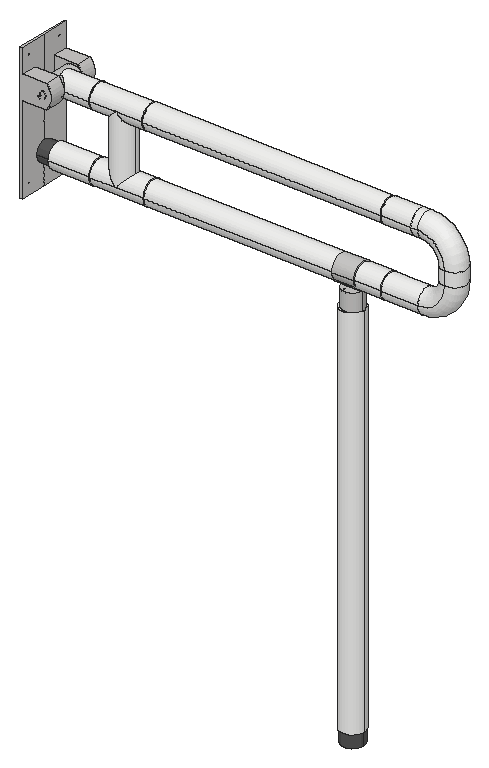
Revit family "White Moveable Handicap Grab Bar Tube Coated_IN", category Pipe Accessories, Revit 2017
Family settings
  Round Connector Dimension = Use Diameter
  Part Type = Normal
  Work Plane-Based = Yes
  Always vertical = No
  Cut with Voids When Loaded = Yes
  Shared = No
Parameters
  Website = "https://dolphy.in/"  # constant formula
  Model = "DHGB0005"  # constant formula
  Default Elevation = 1219.2 mm
  Contact number = "+91 9520202035"  # constant formula
  Contact email = "info@dolphy.in"  # constant formula
  Company name = "Dolphy India"  # constant formula
Reference planes
  plane 1 "Center (Front/Back)": y = 0
  plane 2: z = 0
  plane 3 "Center (Left/Right)": x = 0
Forms (mm)
  Sweep 1, solid, material "Nylon"
    path origin (-6.896, 0, 200) x (-1, 0, 0) y (0, 0, -1)
      loop
        line (-30.275, 100) -> (-575.275, 100)
        arc (-575.275, 100) -> (-603.56, 88.284) -> (-615.275, 60) r 40
        line (-615.275, 60) -> (-615.275, 40)
        arc (-615.275, 40) -> (-603.56, 11.716) -> (-575.275, 0) r 40
        line (-575.275, 0) -> (-565, 0) -> (-42.431, 0)
    profile origin (295.88, 0, 100) x (0, 0, 1) y (0, -1, 0)
      loop
        circle (0, 0) r 17.5
  Sweep 2, void
    path origin (730.38, -368.75, 22.5) x (0, 1, 0) y (0, 0, 1)
      loop
        circle (368.504, 177.5) r 17.254
    profile origin (730.38, -0.246, 217.254) x (0, 0, -1) y (1, 0, 0)
      loop
        circle (0, -646.133) r 0.781
  Sweep 3, void
    path origin (805.38, -368.75, 22.5) x (0, 1, 0) y (0, 0, 1)
      loop
        circle (368.504, 177.5) r 17.254
    profile origin (805.38, -0.246, 217.254) x (0, 0, -1) y (1, 0, 0)
      loop
        circle (0, -643.008) r 0.781
  Sweep 4, void
    path origin (1160.38, -368.75, 22.5) x (0, 1, 0) y (0, 0, 1)
      loop
        circle (368.504, 177.5) r 17.254
    profile origin (1160.38, -0.246, 217.254) x (0, 0, -1) y (1, 0, 0)
      loop
        circle (0, -646.133) r 0.781
  Sweep 5, void
    path origin (1157.282, -369.071, -77.624) x (0, 1, 0) y (0, 0, 1)
      loop
        circle (368.504, 177.5) r 17.254
    profile origin (1157.282, -0.567, 117.13) x (0, 0, -1) y (1, 0, 0)
      loop
        circle (0, -643.008) r 0.781
  Extrusion 6, solid, material "Stainless Steel"
    sketch origin (-6.896, 54.754, 0) x (1, 0, 0) y (0, 1, 0)
      loop
        line (10.275, -54.754) -> (10.275, -14.754) -> (6.896, -14.754) -> (6.896, -94.754) -> (10.275, -94.754) -> (10.275, -54.754)
    from 52.806 to 252.564
  Extrusion 7, solid, material "Stainless Steel"
    sketch origin (0, 54.754, 0) x (1, 0, 0) y (0, 0, 1)
      loop
        line (3.38, 217.5) -> (3.38, 182.622) -> (39.026, 182.622)
        spline (39.026, 182.622) -> (41.372, 185.765) -> (43.283, 188.866) -> (44.761, 191.923) -> (45.804, 194.937) -> (46.413, 197.908) -> (46.587, 200.836) -> (46.328, 203.721) -> (45.634, 206.563) -> (44.506, 209.362) -> (42.943, 212.118) -> (40.947, 214.83) -> (38.516, 217.5)
        line (38.516, 217.5) -> (3.38, 217.5)
    from 72.424 to 94.754
  Extrusion 8, solid, material "Stainless Steel"
    sketch origin (0, -54.754, 0) x (1, 0, 0) y (0, 0, -1)
      loop
        line (3.38, -217.5) -> (38.492, -217.5)
        spline (38.492, -217.5) -> (40.923, -214.83) -> (42.92, -212.118) -> (44.482, -209.362) -> (45.61, -206.563) -> (46.304, -203.721) -> (46.564, -200.836) -> (46.389, -197.908) -> (45.78, -194.937) -> (44.737, -191.923) -> (43.26, -188.866) -> (41.348, -185.765) -> (39.002, -182.622)
        line (39.002, -182.622) -> (3.38, -182.622) -> (3.38, -217.5)
    from 72.338 to 94.754
  Extrusion 9, solid, material "Stainless Steel"
    sketch origin (-5, 0, -1.25) x (1, 0, 0) y (0, 0, 1)
      loop
        circle (36.25, 201.79) r 15
    from -32.662 to 32.128
  Extrusion 10, solid, material "Nylon"
    sketch origin (0, 0, 0) x (1, 0, 0) y (0, 1, 0)
      loop
        circle (121.288, 0) r 17.5
    from 100.074 to 200.362
  Sweep 11, void
    path origin (727.282, -369.071, -77.624) x (0, 1, 0) y (0, 0, 1)
      loop
        circle (368.504, 177.5) r 17.254
    profile origin (727.282, -0.567, 117.13) x (0, 0, -1) y (1, 0, 0)
      loop
        circle (0, -643.008) r 0.781
  Sweep 12, void
    path origin (807.282, -369.071, -77.624) x (0, 1, 0) y (0, 0, 1)
      loop
        circle (368.504, 177.5) r 17.254
    profile origin (807.282, -0.567, 117.13) x (0, 0, -1) y (1, 0, 0)
      loop
        circle (0, -643.008) r 0.781
  Extrusion 13, solid
    sketch origin (0, 0, 0) x (1, 0, 0) y (0, 0, 1)
      loop
        circle (31.25, 200.54) r 5.986
    from -40 to 40
  Extrusion 14, void
    sketch origin (0, 0, 0) x (1, 0, 0) y (0, 0, 1)
      loop
        circle (31.25, 200.54) r 2.188
    from -40 to 40
  Extrusion 15, void
    sketch origin (0, 0, 0) x (0, 1, 0) y (0, 0, 1)
      loop
        circle (26.517, 238.781) r 2
    from 0 to 3.38
  Extrusion 16, void
    sketch origin (0, -55, 0) x (0, 1, 0) y (0, 0, 1)
      loop
        circle (26.517, 238.781) r 2
    from 0 to 3.38
  Extrusion 17, void
    sketch origin (0, 0, -170) x (0, 1, 0) y (0, 0, 1)
      loop
        circle (26.517, 238.781) r 2
    from 0 to 3.38
  Extrusion 18, void
    sketch origin (0, -55, -170) x (0, 1, 0) y (0, 0, 1)
      loop
        circle (26.517, 238.781) r 2
    from 0 to 3.38
  Extrusion 19, void
    sketch origin (0, -26.517, -76.837) x (0, 1, 0) y (0, 0, 1)
      loop
        circle (26.517, 238.781) r 2
    from 0 to 3.38
  Sweep 20, solid, material "Dolphy_BLACK(1)"
    path origin (0, 0, 0) x (1, 0, 0) y (0, 0, 1)
      loop
        line (23.38, 100) -> (3.38, 100)
    profile origin (13.38, 0, 100) x (0, 0, -1) y (0, -1, 0)
      loop
        circle (-0.074, 0) r 15
  Sweep 21, solid, material "Nylon"
    path origin (0, 0, 0) x (1, 0, 0) y (0, 0, 1)
      loop
        line (458.38, 53.789) -> (458.38, -503.4)
    profile origin (458.38, 0, -224.805) x (0, -1, 0) y (1, 0, 0)
      loop
        circle (0, 0) r 17.5
  Sweep 22, solid, material "Stainless Steel"
    path origin (0, 0, 0) x (1, 0, 0) y (0, 0, 1)
      loop
        line (458.38, 47.622) -> (458.38, 78.547)
    profile origin (458.38, 0, 63.084) x (-1, 0, 0) y (0, -1, 0)
      loop
        circle (0, 0) r 15
  Extrusion 23, solid, material "Stainless Steel"
    sketch origin (0, 0, 0) x (0, 1, 0) y (0, 0, 1)
      loop
        circle (0, 100.074) r 18.044
    from 442.403 to 474.356
  Extrusion 24, solid, material "Stainless Steel"
    sketch origin (0, 0, 0) x (0, 1, 0) y (0, 0, 1)
      loop
        arc (-0.894, 85.671) -> (-1.251, 85.523) -> (-1.399, 85.166) r 0.505
        line (-1.399, 85.166) -> (-1.399, 72.458)
        arc (-1.399, 72.458) -> (-1.238, 72.069) -> (-0.85, 71.908) r 0.549
        line (-0.85, 71.908) -> (0.974, 71.908)
        arc (0.974, 71.908) -> (1.355, 72.066) -> (1.513, 72.448) r 0.539
        line (1.513, 72.448) -> (1.513, 85.137)
        arc (1.513, 85.137) -> (1.357, 85.514) -> (0.98, 85.671) r 0.534
        line (0.98, 85.671) -> (-0.894, 85.671)
    from 444.64 to 471.944
  Sweep 25, solid, material "Dolphy_BLACK(1)"
    path origin (0, 0, 0) x (1, 0, 0) y (0, 0, 1)
      loop
        line (458.38, -503.4) -> (458.38, -522.378)
    profile origin (458.38, 0, -512.889) x (0, -1, 0) y (1, 0, 0)
      loop
        circle (0, 0) r 15.976
Cuts and joins
  Sweep 2, Sweep 3, Sweep 4, Sweep 5, Sweep 11, Sweep 12 cuts Sweep 1
  Extrusion 15, Extrusion 16, Extrusion 17, Extrusion 18, Extrusion 19 cuts Extrusion 6
  Extrusion 15, Extrusion 16, Extrusion 17, Extrusion 18, Extrusion 19 cuts Extrusion 7
  Extrusion 15, Extrusion 16, Extrusion 17, Extrusion 18, Extrusion 19 cuts Extrusion 8
  Extrusion 15, Extrusion 16, Extrusion 17, Extrusion 18, Extrusion 19 cuts Extrusion 9
  joined: Extrusion 6, Extrusion 7, Extrusion 8, Extrusion 9
  Extrusion 14 cuts Extrusion 13
Lines and regions (mm)
  model lines
    curve 1: line (37.236, 0, 200.54) -> (25.264, 0, 200.54)
    curve 2: line (31.25, 0, 206.526) -> (31.25, 0, 194.554)
Dimensions and locks
  Sweep 21 sketch curve to Sweep 21 sketch curve = 557.189 mm
  aligned and locked: level to plane 2
